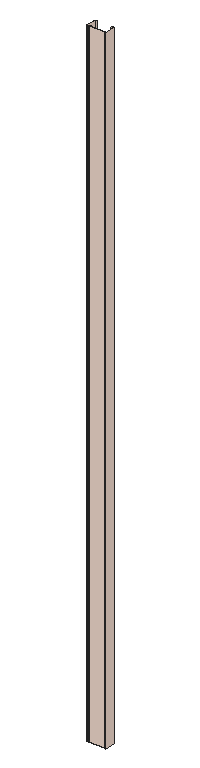
Revit family "stud_ws90", category 機械設備, Revit 2022
Family settings
  丸型コネクタ寸法 = 直径を使用
  種別 = なし
  パーツ タイプ = 標準
  作業面ベース = いいえ
  常に垂直 = はい
  ロード時にボイドで切り取り = いいえ
  注釈の向きを維持 = いいえ
  共有 = いいえ
  部屋計算ポイント = いいえ
Parameters
  製造元 = "株式会社桐井製作所"
  既定の高さ = 0 mm
  URL = "https://www.kirii.co.jp/"
  K_長さ(mm) [instance] = 3000 mm
  K_材質 = "SGCCまたはSGHC　一般用"
  K_断面積A(mm2) = 160
  K_断面係数Zy(mm3) = 1562
  K_断面係数Zx(mm3) = 4744
  K_断面2次半径iy(mm) = 17
  K_断面2次半径ix(mm) = 36.5
  K_断面2次モーメントIy(mm4) = 46270
  K_断面2次モーメントIx(mm4) = 213500
  K_外形寸法(mm) = "90×45×0.8"
  K_品名 = "WS-90"
  K_名称 = "スタッド"
  K_単位質量(kg/m) = 1.293
  K_ヤング係数E(N/mm2) = 205000
  K_バージョン情報 = "20210524"
  K_めっき付着量 = "Z12"
  K_JIS規格 = "JIS G 3302"
  K_JIS外 [instance] = not(K_JIS)  # no
  K_JIS [instance] = [K_長さ(mm)] < 4501 mm  # yes
Reference planes
  plane 1 "中心(正面/背面)": y = 0
  plane 2: z = 0
  plane 3 "中心(左/右)": x = 0
  plane 4: z = 3000
  plane 5: y = 45
  plane 6: x = -45
  plane 7: x = 45
Forms (mm)
  Extrusion 1, solid
    sketch origin (-1.467, 0, 0) x (0, 1, 0) y (-1, 0, 0)
      loop
        line (0.8, -38.798) -> (1.8, -37.798) -> (1.8, 34.864) -> (0.8, 35.864) -> (0.8, 42.733) -> (44.2, 42.733) -> (44.2, 33.833) -> (40.396, 33.833) -> (40.396, 33.033) -> (45, 33.033) -> (45, 43.533) -> (0, 43.533) -> (0, 35.533) -> (1, 34.533) -> (1, -37.467) -> (0, -38.467) -> (0, -46.467) -> (45, -46.467) -> (45, -35.967) -> (40.396, -35.967) -> (40.396, -36.767) -> (44.2, -36.767) -> (44.2, -45.667) -> (0.8, -45.667) -> (0.8, -38.798)
    from 0 to 3000
Dimensions and locks
  "K_長さ(mm)": plane 4 to plane 2
  aligned and locked: level to plane 2
  aligned and locked: plane 4 to Extrusion 1
Automatic sketch dimensions
  Extrusion 1 sketch curve to plane 7 = 0 mm
  Extrusion 1 sketch curve to plane 6 = 0 mm
  Extrusion 1 sketch curve to plane 1 "中心(正面/背面)" = 0 mm  (x2)
  Extrusion 1 sketch curve to plane 1 "中心(正面/背面)" = 0.8 mm  (x2)
  Extrusion 1 sketch curve to plane 1 "中心(正面/背面)" = 1 mm
  Extrusion 1 sketch curve to Extrusion 1 sketch curve = 0.8 mm  (x5)
  plane 6 to Extrusion 1 sketch curve = 10.5 mm
  Extrusion 1 sketch curve to Extrusion 1 sketch curve = 38.596 mm  (x2)
  Extrusion 1 sketch curve to plane 7 = 9.7 mm
  Extrusion 1 sketch curve to Extrusion 1 sketch curve = 3.804 mm  (x2)
  Extrusion 1 sketch curve to plane 7 = 0.8 mm
  Extrusion 1 sketch curve to Extrusion 1 sketch curve = 6.869 mm
  Extrusion 1 sketch curve to Extrusion 1 sketch curve = 0.331 mm  (x4)
  Extrusion 1 sketch curve to Extrusion 1 sketch curve = 1 mm  (x2)
  plane 6 to Extrusion 1 sketch curve = 9 mm
  plane 6 to Extrusion 1 sketch curve = 0.8 mm
